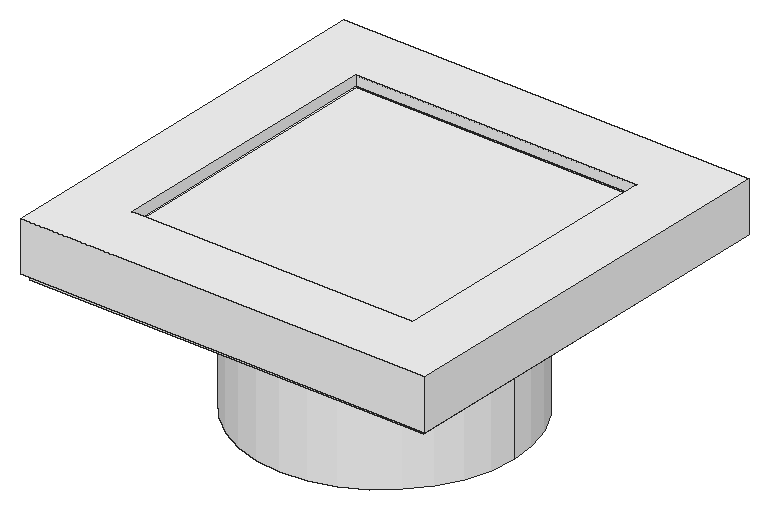
Revit family "Gira_291600", category Electrical Fixtures, host Face, Revit 2017
Family settings
  Host = Face
  Maintain Annotation Orientation = Yes
  Round Connector Dimension = Use Diameter
  Part Type = Normal
  Cut with Voids When Loaded = No
  Shared = No
  Room Calculation Point = No
Parameters (values of type "Rufmodul Notrufset System 55")
  Zusammenstellung = "Basiselement"
  White [instance] = White
  Werkstoffgüte = "sonstige"
  Werkstoff = "sonstige"
  URL = "http://katalog.gira.de/de_DE/datenblatt.html?artikelnr=291600"
  Region = "DE"
  Name = "Rufmodul Notrufset System 55"
  Model = "Sys55_Komplettgerät_Schalten und Tasten"
  Manufacturer URL = "https://www.gira.de/"
  HeinzeBIM = "https://bimportal.heinze.de/bim/rufmodul-notrufset-system-55/304f67b7913704dde20b1641983321b141bd33a6"
  HAN = "291600"
  GTIN = "4010337071365"
  Farbe = "rot"
  Default Elevation = 1219.2 mm
  Data sheet (1) = "https://katalog.gira.de/de_DE/download.html?artikelnr=291600"
  Category = "Anzeigeelement Klinikinstallation"
  Busfähig = "2-Draht"
  Bauart = "Wandmontage"
  Available = "Yes"
  Art der Spannungsversorgung = "Bus-System"
  Anzeigeart = "Lichtsignal"
  Anzeige = "sonstige"
Reference planes
  plane 1 "Center (Front/Back)": y = 0
  plane 2: z = 0
  plane 3 "Center (Left/Right)": x = 0
Forms (mm)
  Extrusion 1, solid, material "White" <- "White", detail levels medium
    sketch origin (0, 0, 0) x (1, 0, 0) y (0, 1, 0)
      loop
        line (-40.4, 40.4) -> (-40.4, -40.4) -> (40.4, -40.4) -> (40.4, 40.4) -> (-40.4, 40.4)
      loop
        line (-28, 28) -> (-28, -28) -> (28, -28) -> (28, 28) -> (-28, 28)
    from 0 to 10
  Extrusion 2, solid, material "White" <- "White", detail levels fine
    sketch origin (0, 0, 0) x (1, 0, 0) y (0, 1, 0)
      loop
        line (-40.4, 40.4) -> (-40.4, -40.4) -> (40.4, -40.4) -> (40.4, 40.4) -> (-40.4, 40.4)
      loop
        line (-28, 28) -> (-28, -28) -> (28, -28) -> (28, 28) -> (-28, 28)
    from 0 to 10
  Extrusion 3, void
    sketch origin (0, 0, 0) x (1, 0, 0) y (0, 1, 0)
      loop
        line (-38.4, 38.4) -> (-38.4, -38.4) -> (38.4, -38.4) -> (38.4, 38.4) -> (-38.4, 38.4)
    from 0 to 8
  Extrusion 4, solid, material "White" <- "White", detail levels medium+fine
    sketch origin (0, 0, 0) x (1, 0, 0) y (0, 1, 0)
      loop
        line (-39.4, 39.4) -> (-39.4, -39.4) -> (39.4, -39.4) -> (39.4, 39.4) -> (-39.4, 39.4)
    from 0 to -1
  Extrusion 5, solid, material "White" <- "White", detail levels medium+fine
    sketch origin (0, 0, 0) x (1, 0, 0) y (0, 1, 0)
      loop
        line (-35.5, 35.5) -> (-35.5, -35.5) -> (35.5, -35.5) -> (35.5, 35.5) -> (-35.5, 35.5)
    from -2 to -3
  Extrusion 6, solid, material "White" <- "White", detail levels medium+fine
    sketch origin (0, 0, 0) x (1, 0, 0) y (0, 1, 0)
      loop
        circle (0, 0) r 26
    from 0 to -27.5
  Extrusion 7, solid, material "White" <- "White", detail levels coarse
    sketch origin (0, 0, 0) x (1, 0, 0) y (0, 1, 0)
      loop
        line (-40.4, 40.4) -> (-40.4, -40.4) -> (40.4, -40.4) -> (40.4, 40.4) -> (-40.4, 40.4)
    from -27.5 to 10
Cuts and joins
  Extrusion 3 cuts Extrusion 2
Dimensions and locks
  aligned and locked: plane 2 to host face
  aligned and locked: level to host face
  aligned and locked: plane 3 "Center (Left/Right)" to nested 2
  aligned and locked: plane 1 "Center (Front/Back)" to nested 2
Nested families
  nested 1: "Sys55_Abdeckung_Schalten und Tasten_floor_base" at (0, 0, 0), type "Sys55_Abdeckung_Schalten und Tasten_floor_base"
  nested 2: "Schalter" at (0, 0, 0), type "Schalter"
Connectors
  electrical at (0, 0, -27.5)
    settings: on Extrusion 6, index 1, voltage 220 V, apparent load 0 VA, apparent load phase1 0 VA, apparent load phase2 0 VA, apparent load phase3 0 VA, power factor 1, load classification "Other", number of poles 1, system type 30, power factor state 1, is connector primary yes, connector utility no, sub classification motor no, connector description ""
Definition of nested family "Sys55_Abdeckung_Schalten und Tasten_floor_base"
  Parameters
    Default Elevation = 1219.2 mm
    White [instance] = none
  Reference planes
    plane 1 "Center (Front/Back)": y = 0
    plane 2: z = 0
    plane 3 "Center (Left/Right)": x = 0
  Forms (mm)
    Extrusion 1, solid
      sketch origin (0, 0, 0) x (1, 0, 0) y (0, 1, 0)
        loop
          line (-1219.2, 1219.2) -> (-1219.2, -1219.2) -> (1219.2, -1219.2) -> (1219.2, 1219.2) -> (-1219.2, 1219.2)
      from 0 to -304.8
    Extrusion 2, solid, material <- "White", detail levels fine
      sketch origin (0, 0, 0) x (1, 0, 0) y (0, 1, 0)
        loop
          line (-27.5, 27.5) -> (-27.5, -27.5) -> (27.5, -27.5) -> (27.5, 27.5) -> (-27.5, 27.5)
      from 0 to 8
    Extrusion 3, void
      sketch origin (0, 0, 0) x (1, 0, 0) y (0, 1, 0)
        loop
          line (26, 26) -> (-26, 26) -> (-26, -26) -> (26, -26) -> (26, 26)
      from 0 to 6
    Extrusion 4, solid, material <- "White", detail levels medium
      sketch origin (0, 0, 0) x (1, 0, 0) y (0, 1, 0)
        loop
          line (-27.5, 27.5) -> (-27.5, -27.5) -> (27.5, -27.5) -> (27.5, 27.5) -> (-27.5, 27.5)
      from 0 to 8
    Extrusion 5, solid, material <- "White", detail levels medium
      sketch origin (0, 0, 0) x (1, 0, 0) y (0, 1, 0)
        loop
          line (11, -17.5) -> (11, 17.5) -> (-11, 17.5) -> (-11, -17.5) -> (11, -17.5)
      from -6 to 6
    Extrusion 6, solid, material <- "White", detail levels fine
      sketch origin (0, 0, 0) x (1, 0, 0) y (0, 1, 0)
        loop
          line (11, 17.5) -> (-11, 17.5) -> (-11, 16.5) -> (11, 16.5) -> (11, 17.5)
        loop
          line (-11, -16.5) -> (-11, -17.5) -> (11, -17.5) -> (11, -16.5) -> (-11, -16.5)
      from -4 to 6
    Extrusion 7, solid, material <- "White", detail levels fine
      sketch origin (0, 0, 0) x (1, 0, 0) y (0, 1, 0)
        loop
          arc (5, 9.347) -> (0, 10.6) -> (-5, 9.347) r 10.6
          line (-5, 9.347) -> (-5, -9.347)
          arc (-5, -9.347) -> (0, -10.6) -> (5, -9.347) r 10.6
          line (5, -9.347) -> (5, 9.347)
      from -6 to 6
    Extrusion 8, solid, material <- "White", detail levels coarse
      sketch origin (0, 0, 0) x (1, 0, 0) y (0, 1, 0)
        loop
          line (-27.5, 27.5) -> (-27.5, -27.5) -> (27.5, -27.5) -> (27.5, 27.5) -> (-27.5, 27.5)
      from -6 to 8
  Cuts and joins
    Extrusion 3 cuts Extrusion 2
  Dimensions and locks
    aligned and locked: plane 2 to Extrusion 1
    aligned and locked: level to Extrusion 1
Definition of nested family "Schalter"
  Reference planes
    plane 1: y = 0
    plane 2: x = 0
  Lines and regions (mm)
    detail lines
      curve 1: circle (1.375, 2.778, 0) r 0.8 normal (0, 0, 1)
      curve 2: line (1.021, 2.061, 0) -> (0, 0, 0)
      curve 3: line (0, 0, 0) -> (-0.538, 0.266, 0)
  Dimensions and locks
    curve 2 to curve 2 = 2.3 mm
    curve 3 to curve 2 = 0.6 mm
    radius of curve 1 = 0.8 mm
